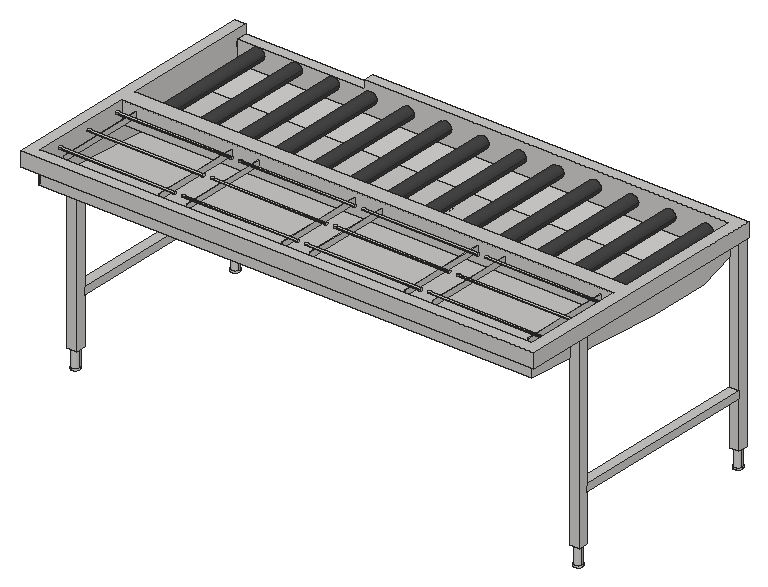
Revit family "QF_ELECTROLUXPROFESSIONAL_865295_HSMSF4RL", category Specialty Equipment, Revit 2018
Family settings
  Round Connector Dimension = Use Diameter
  Part Type = Normal
  Work Plane-Based = No
  Always vertical = Yes
  Cut with Voids When Loaded = No
  Shared = No
  Room Calculation Point = No
Parameters
  Weight = 0.00 kg
  Watts = 0 W
  Volts = 0 V
  URL Manufacturer = ""
  Steam Supply Size = 0 mm
  Steam Supply Minimum Pressure = 0.0 Pa
  Steam Supply Maximum Pressure = 0.0 Pa
  Steam Pounds per Hour = 0
  Refrigeration Suction Line Size = 0 mm
  Refrigeration Liquid Line Size = 0 mm
  Refrigerant Compressor Remote = yes
  Phase = 0
  Length Actual = 0 mm
  Item Number = ""
  Hot Water Size = 0 mm
  Height Actual = 0 mm
  HP = ""
  Gas Size = 0 mm
  Gas KW = 0
  Gas Input Pressure = 0 W
  Depth Actual = 0 mm
  Cycle = 0 Hz
  Condensate Return Size = 0 mm
  Compressed Air Volume = 0.0 L/s
  Compressed Air Size = 0 mm
  Compressed Air Pressure = 0.0 Pa
  Cold Water Size = 0 mm
  Accessory = yes
Reference planes
  plane 1: z = 0
  plane 2 "RIGHT": x = 810
  plane 3: z = 910
  plane 4: z = 0
  plane 5: z = 300
  plane 6 "BACK": y = 310
  plane 7 "FRONT": y = -800
  plane 8 "LEFT": x = -1320
  plane 9 "Center": x = -1005
Forms (mm)
  Extrusion 1, solid, material "QF_Finishes_Stainless Steel"
    sketch origin (0, 0, 0) x (-1, 0, 0) y (0, -1, 0)
      loop
        line (1320, 800) -> (-810, 800) -> (-810, -310) -> (745, -310) -> (745, -265) -> (-765, -265) -> (-765, 755) -> (1275, 755) -> (1275, -310) -> (1320, -310) -> (1320, 800)
    from 850.091 to 910
  Extrusion 2, solid, material "QF_Finishes_Stainless Steel"
    sketch origin (0, 0, 0) x (0, 1, 0) y (0, 0, -1)
      loop
        line (-756.248, -850.091) -> (-755, -850.091) -> (-755, -784.848) -> (-131.111, -741.138) -> (130.374, -741.138) -> (265, -784.879) -> (265, -850.091) -> (266.249, -850.091) -> (266.249, -782.13) -> (130.849, -738.138) -> (-131.216, -738.138) -> (-756.248, -781.928) -> (-756.248, -850.091)
    from -765 to 1275
  Revolve 3, solid, material "QF_Finishes_Stainless Steel"
    sketch origin (-255, 0.526, -123.199) x (-1, 0, 0) y (0, 0, -1)
      loop
        line (76.494, -861.337) -> (76.494, -847.59)
        arc (76.494, -847.59) -> (75.89, -845.987) -> (74.39, -845.16) r 2.474
        arc (74.39, -845.16) -> (71.083, -841.301) -> (74.377, -837.43) r 3.913
        arc (74.377, -837.43) -> (75.887, -836.598) -> (76.494, -834.985) r 2.49
        line (76.494, -834.985) -> (76.494, -794.661)
        arc (76.494, -794.661) -> (65.844, -763.962) -> (38.457, -746.476) r 49.516
        line (38.457, -746.476) -> (38.457, -743.987) -> (37.25, -742.336) -> (37.25, -740.749) -> (23.47, -734.749) -> (23.47, -698.838) -> (21.946, -697.377) -> (0, -697.377) -> (0, -861.337) -> (76.494, -861.337)
      axis (0, -861.337) -> (0, -697.377)
    angle from 0 to 360
  Extrusion 4, solid, material "QF_Finishes_Stainless Steel"
    sketch origin (0, 0, 0) x (-1, 0, 0) y (0, -1, 0)
      loop
        line (-765, 330.124) -> (-765, 265) -> (1275, 265) -> (1275, 330.124) -> (-765, 330.124)
    from 820 to 910
  Extrusion 5, solid, material "QF_Finishes_Stainless Steel"
    sketch origin (6.015, 0, -602.691) x (-1, 0, 0) y (0, -1, 0)
      loop
        line (1283.015, -266.249) -> (1323.015, -266.249) -> (1323.015, 521.738) -> (1283.015, 521.738) -> (1283.015, -266.249)
    from 872.691 to 902.691
  Extrusion 6, solid, material "QF_Finishes_Stainless Steel"
    sketch origin (-1277, 0, 0) x (0, 1, 0) y (0, 0, -1)
      loop
        line (-756.248, -781.928) -> (-756.248, -850.091) -> (266.249, -850.091) -> (266.249, -782.13) -> (130.849, -738.138) -> (-131.216, -738.138) -> (-756.248, -781.928)
    from 0 to -2
  Extrusion 7, solid, material "QF_Finishes_Stainless Steel"
    sketch origin (767, 0, 0) x (0, 1, 0) y (0, 0, 1)
      loop
        line (-756.248, 850.091) -> (-756.248, 781.928) -> (-131.216, 738.138) -> (130.849, 738.138) -> (266.249, 782.13) -> (266.249, 850.091) -> (-756.248, 850.091)
    from 0 to -2
  Extrusion 8, solid, material "QF_Finishes_Stainless Steel"
    sketch origin (-516, 0.054, -598.981) x (1, 0, 0) y (0, 1, 0)
      loop
        line (1283, 266.195) -> (1283, -521.792) -> (1323, -521.792) -> (1323, 266.195) -> (1283, 266.195)
    from 869.081 to 898.981
  Extrusion 9, solid, material "QF_Finishes_Black"
    sketch origin (0, -2.5, 0) x (-1, 0, 0) y (0, 0, 1)
      loop
        circle (255, 850.047) r 25
      loop
        circle (100, 850.047) r 25
      loop
        circle (-55, 850.047) r 25
      loop
        circle (-210, 850.047) r 25
      loop
        circle (-365, 850.047) r 25
      loop
        circle (-520, 850.047) r 25
      loop
        circle (-675, 850.047) r 25
      loop
        circle (410, 850.047) r 25
      loop
        circle (565, 850.047) r 25
      loop
        circle (720, 850.047) r 25
      loop
        circle (875, 850.047) r 25
      loop
        circle (1030, 850.047) r 25
      loop
        circle (1185, 850.047) r 25
    from -262.5 to 267.5
  Extrusion 10, solid, material "QF_Finishes_Stainless Steel"
    sketch origin (0, -7.263, 2.863) x (-1, 0, 0) y (0, -1, 0)
      loop
        line (-200.029, 694.438) -> (-200.029, 322.861) -> (-196.981, 322.861) -> (-196.981, 694.438) -> (-200.029, 694.438)
      loop
        line (196.981, 694.438) -> (196.981, 322.861) -> (200.029, 322.861) -> (200.029, 694.438) -> (196.981, 694.438)
      loop
        line (-710.007, 694.438) -> (-710.007, 322.861) -> (-707.023, 322.861) -> (-707.023, 694.438) -> (-710.007, 694.438)
      loop
        line (-312.998, 694.438) -> (-312.998, 322.861) -> (-310.013, 322.861) -> (-310.013, 694.438) -> (-312.998, 694.438)
      loop
        line (1220.049, 694.438) -> (1217.001, 694.438) -> (1217.001, 322.861) -> (1220.049, 322.861) -> (1220.049, 694.438)
      loop
        line (823.039, 694.438) -> (819.991, 694.438) -> (819.991, 322.861) -> (823.039, 322.861) -> (823.039, 694.438)
      loop
        line (710.007, 694.438) -> (707.023, 694.438) -> (707.023, 322.861) -> (710.007, 322.861) -> (710.007, 694.438)
      loop
        line (312.997, 694.438) -> (310.013, 694.438) -> (310.013, 322.861) -> (312.997, 322.861) -> (312.997, 694.438)
    from 860 to 881.896
  Extrusion 11, solid, material "QF_Finishes_Stainless Steel"
    sketch origin (-2327.512, 265, 0) x (0, 1, 0) y (0, 0, 1)
      loop
        circle (-937.158, 888.745) r 3.985
      loop
        circle (-788.819, 888.745) r 3.985
      loop
        circle (-640.48, 888.745) r 3.985
    from 1067.5 to 1547.5
  Extrusion 12, solid, material "QF_Finishes_Stainless Steel"
    sketch origin (-1817.533, 265, 0) x (0, 1, 0) y (0, 0, 1)
      loop
        circle (-937.158, 888.745) r 3.985
      loop
        circle (-788.819, 888.745) r 3.985
      loop
        circle (-640.48, 888.745) r 3.985
    from 1067.5 to 1547.5
  Extrusion 13, solid, material "QF_Finishes_Stainless Steel"
    sketch origin (-1307.491, 265, 0) x (0, 1, 0) y (0, 0, 1)
      loop
        circle (-937.158, 888.745) r 3.985
      loop
        circle (-788.819, 888.745) r 3.985
      loop
        circle (-640.48, 888.745) r 3.985
    from 1067.5 to 1547.5
  Extrusion 14, solid, material "QF_Finishes_Stainless Steel"
    sketch origin (-797.513, 265, 0) x (0, 1, 0) y (0, 0, 1)
      loop
        circle (-937.158, 888.745) r 3.985
      loop
        circle (-788.819, 888.745) r 3.985
      loop
        circle (-640.48, 888.745) r 3.985
    from 1067.5 to 1547.5
  Extrusion 15, solid, material "QF_Finishes_Stainless Steel"
    sketch origin (-1062.5, 757.022, 0) x (-1, 0, 0) y (0, 0, 1)
      loop
        line (-362.5, 835) -> (-347.5, 820) -> (242.5, 820) -> (257.5, 835) -> (257.5, 850.091) -> (212.5, 850.091) -> (212.5, 875) -> (-317.5, 875) -> (-317.5, 850.091) -> (-362.5, 850.091) -> (-362.5, 835)
    from -450 to -447.022
  Extrusion 16, solid, material "QF_Finishes_Stainless Steel"
    sketch origin (-1275, -2290.751, 0) x (0, 1, 0) y (0, 0, 1)
      loop
        line (2597.773, 875) -> (2557, 875) -> (2557, 872) -> (2597.773, 872) -> (2597.773, 875)
    from 0 to 530
  Extrusion 17, solid, material "QF_Finishes_Stainless Steel"
    sketch origin (-1062.5, 713.272, 0) x (-1, 0, 0) y (0, 0, 1)
      loop
        line (-317.5, 850.091) -> (212.5, 850.091) -> (212.5, 875) -> (-317.5, 875) -> (-317.5, 850.091)
    from -448.272 to -447.022
Cuts and joins
  joined: Extrusion 1, Extrusion 2, Revolve 3, Extrusion 4, Extrusion 6, Extrusion 7, Extrusion 10, Extrusion 11, Extrusion 12, Extrusion 13, Extrusion 14, Extrusion 15, Extrusion 16, Extrusion 17
Lines and regions (mm)
  Split face 1
    outline origin (-131.315, -0.079, 741.138) x (-1, 0, 0) y (0, -1, 0)
      loop
        circle (123.685, -0.035) r 73.783
  Split face 2
    outline origin (-131.315, -0.079, 741.138) x (-1, 0, 0) y (0, -1, 0)
      loop
        circle (123.685, -0.035) r 66.01
  Split face 3
    outline origin (-131.315, -0.079, 741.138) x (-1, 0, 0) y (0, -1, 0)
      loop
        circle (123.685, -0.035) r 53.774
  Split face 4
    outline origin (-131.315, -0.079, 741.138) x (-1, 0, 0) y (0, -1, 0)
      loop
        circle (123.685, -0.035) r 50.771
  Split face 5
    outline origin (-131.315, -0.079, 741.138) x (-1, 0, 0) y (0, -1, 0)
      loop
        circle (123.685, -0.035) r 33.793
  Split face 6
    outline origin (-131.315, -0.079, 741.138) x (-1, 0, 0) y (0, -1, 0)
      loop
        circle (123.685, -0.035) r 30.826
  Split face 7
    outline origin (-131.315, -0.079, 741.138) x (-1, 0, 0) y (0, -1, 0)
      loop
        circle (123.685, -0.035) r 13.843
  Split face 8
    outline origin (-131.315, -0.079, 741.138) x (-1, 0, 0) y (0, -1, 0)
      loop
        circle (123.685, -0.035) r 10.833
  symbolic lines
    curve 1: line (-1320, 310, 0) -> (810, 310, 0)
    curve 2: line (-1320, -800, 0) -> (-1320, 310, 0)
    curve 3: line (810, -800, 0) -> (-1320, -800, 0)
    curve 4: line (810, 310, 0) -> (810, -800, 0)
    curve 5: line (-1275, 265, 0) -> (765, 265, 0)
    curve 6: line (-1275, -755, 0) -> (-1275, 310, 0)
    curve 7: line (765, -755, 0) -> (-1275, -755, 0)
    curve 8: line (-1275, -265, 0) -> (765, -265, 0)
    curve 9: line (765, -330.124, 0) -> (-1275, -330.124, 0)
    curve 10: line (-1260.012, -371.495, 0) -> (-1260.012, -379.465, 0)
    curve 11: line (-1260.012, -379.465, 0) -> (-780.012, -379.465, 0)
    curve 12: line (-780.012, -379.465, 0) -> (-780.012, -371.495, 0)
    curve 13: line (-780.012, -371.495, 0) -> (-1260.012, -371.495, 0)
    curve 14: line (-1260.012, -519.834, 0) -> (-1260.012, -527.804, 0)
    curve 15: line (-1260.012, -527.804, 0) -> (-780.012, -527.804, 0)
    curve 16: line (-780.012, -527.804, 0) -> (-780.012, -519.834, 0)
    curve 17: line (-780.012, -519.834, 0) -> (-1260.012, -519.834, 0)
    curve 18: line (-1260.012, -668.173, 0) -> (-1260.012, -676.143, 0)
    curve 19: line (-1260.012, -676.143, 0) -> (-780.012, -676.143, 0)
    curve 20: line (-780.012, -676.143, 0) -> (-780.012, -668.173, 0)
    curve 21: line (-780.012, -668.173, 0) -> (-1260.012, -668.173, 0)
    curve 22: line (-1220.049, -330.124, 0) -> (-1220.049, -371.495, 0)
    curve 23: line (-1217.001, -330.124, 0) -> (-1217.001, -371.495, 0)
    curve 24: line (-1220.049, -379.465, 0) -> (-1220.049, -519.834, 0)
    curve 25: line (-1220.049, -701.7, 0) -> (-1220.049, -676.143, 0)
    curve 26: line (-1220.049, -701.7, 0) -> (-1217.001, -701.7, 0)
    curve 27: line (-1217.001, -701.7, 0) -> (-1217.001, -676.143, 0)
    curve 28: line (-1220.049, -668.173, 0) -> (-1220.049, -527.804, 0)
    curve 29: line (-1217.001, -527.804, 0) -> (-1217.001, -668.173, 0)
    curve 30: line (-1217.001, -519.834, 0) -> (-1217.001, -379.465, 0)
    curve 31: line (-823.039, -330.124, 0) -> (-823.039, -371.495, 0)
    curve 32: line (-819.992, -330.124, 0) -> (-819.992, -371.495, 0)
    curve 33: line (-823.039, -379.465, 0) -> (-823.039, -519.834, 0)
    curve 34: line (-823.039, -701.7, 0) -> (-823.039, -676.143, 0)
    curve 35: line (-823.039, -701.7, 0) -> (-819.992, -701.7, 0)
    curve 36: line (-819.992, -701.7, 0) -> (-819.992, -676.143, 0)
    curve 37: line (-823.039, -668.173, 0) -> (-823.039, -527.804, 0)
    curve 38: line (-819.992, -527.804, 0) -> (-819.992, -668.173, 0)
    curve 39: line (-819.992, -519.834, 0) -> (-819.992, -379.465, 0)
    curve 40: line (-750.033, -371.495, 0) -> (-750.033, -379.465, 0)
    curve 41: line (-750.033, -379.465, 0) -> (-270.033, -379.465, 0)
    curve 42: line (-270.033, -379.465, 0) -> (-270.033, -371.495, 0)
    curve 43: line (-270.033, -371.495, 0) -> (-750.033, -371.495, 0)
    curve 44: line (-750.033, -519.834, 0) -> (-750.033, -527.804, 0)
    curve 45: line (-750.033, -527.804, 0) -> (-270.033, -527.804, 0)
    curve 46: line (-270.033, -527.804, 0) -> (-270.033, -519.834, 0)
    curve 47: line (-270.033, -519.834, 0) -> (-750.033, -519.834, 0)
    curve 48: line (-750.033, -668.173, 0) -> (-750.033, -676.143, 0)
    curve 49: line (-750.033, -676.143, 0) -> (-270.033, -676.143, 0)
    curve 50: line (-270.033, -676.143, 0) -> (-270.033, -668.173, 0)
    curve 51: line (-270.033, -668.173, 0) -> (-750.033, -668.173, 0)
    curve 52: line (-710.071, -330.124, 0) -> (-710.071, -371.495, 0)
    curve 53: line (-707.023, -330.124, 0) -> (-707.023, -371.495, 0)
    curve 54: line (-710.071, -379.465, 0) -> (-710.071, -519.834, 0)
    curve 55: line (-710.071, -701.7, 0) -> (-710.071, -676.143, 0)
    curve 56: line (-710.071, -701.7, 0) -> (-707.023, -701.7, 0)
    curve 57: line (-707.023, -701.7, 0) -> (-707.023, -676.143, 0)
    curve 58: line (-710.071, -668.173, 0) -> (-710.071, -527.804, 0)
    curve 59: line (-707.023, -527.804, 0) -> (-707.023, -668.173, 0)
    curve 60: line (-707.023, -519.834, 0) -> (-707.023, -379.465, 0)
    curve 61: line (-313.061, -330.124, 0) -> (-313.061, -371.495, 0)
    curve 62: line (-310.013, -330.124, 0) -> (-310.013, -371.495, 0)
    curve 63: line (-313.061, -379.465, 0) -> (-313.061, -519.834, 0)
    curve 64: line (-313.061, -701.7, 0) -> (-313.061, -676.143, 0)
    curve 65: line (-313.061, -701.7, 0) -> (-310.013, -701.7, 0)
    curve 66: line (-310.013, -701.7, 0) -> (-310.013, -676.143, 0)
    curve 67: line (-313.061, -668.173, 0) -> (-313.061, -527.804, 0)
    curve 68: line (-310.013, -527.804, 0) -> (-310.013, -668.173, 0)
    curve 69: line (-310.013, -519.834, 0) -> (-310.013, -379.465, 0)
    curve 70: line (-239.991, -371.495, 0) -> (-239.991, -379.465, 0)
    curve 71: line (-239.991, -379.465, 0) -> (240.009, -379.465, 0)
    curve 72: line (240.009, -379.465, 0) -> (240.009, -371.495, 0)
    curve 73: line (240.009, -371.495, 0) -> (-239.991, -371.495, 0)
    curve 74: line (-239.991, -519.834, 0) -> (-239.991, -527.804, 0)
    curve 75: line (-239.991, -527.804, 0) -> (240.009, -527.804, 0)
    curve 76: line (240.009, -527.804, 0) -> (240.009, -519.834, 0)
    curve 77: line (240.009, -519.834, 0) -> (-239.991, -519.834, 0)
    curve 78: line (-239.991, -668.173, 0) -> (-239.991, -676.143, 0)
    curve 79: line (-239.991, -676.143, 0) -> (240.009, -676.143, 0)
    curve 80: line (240.009, -676.143, 0) -> (240.009, -668.173, 0)
    curve 81: line (240.009, -668.173, 0) -> (-239.991, -668.173, 0)
    curve 82: line (-200.029, -330.124, 0) -> (-200.029, -371.495, 0)
    curve 83: line (-196.981, -330.124, 0) -> (-196.981, -371.495, 0)
    curve 84: line (-200.029, -379.465, 0) -> (-200.029, -519.834, 0)
    curve 85: line (-200.029, -701.7, 0) -> (-200.029, -676.143, 0)
    curve 86: line (-200.029, -701.7, 0) -> (-196.981, -701.7, 0)
    curve 87: line (-196.981, -701.7, 0) -> (-196.981, -676.143, 0)
    curve 88: line (-200.029, -668.173, 0) -> (-200.029, -527.804, 0)
    curve 89: line (-196.981, -527.804, 0) -> (-196.981, -668.173, 0)
    curve 90: line (-196.981, -519.834, 0) -> (-196.981, -379.465, 0)
    curve 91: line (196.981, -330.124, 0) -> (196.981, -371.495, 0)
    curve 92: line (200.029, -330.124, 0) -> (200.029, -371.495, 0)
    curve 93: line (196.981, -379.465, 0) -> (196.981, -519.834, 0)
    curve 94: line (196.981, -701.7, 0) -> (196.981, -676.143, 0)
    curve 95: line (196.981, -701.7, 0) -> (200.029, -701.7, 0)
    curve 96: line (200.029, -701.7, 0) -> (200.029, -676.143, 0)
    curve 97: line (196.981, -668.173, 0) -> (196.981, -527.804, 0)
    curve 98: line (200.029, -527.804, 0) -> (200.029, -668.173, 0)
    curve 99: line (200.029, -519.834, 0) -> (200.029, -379.465, 0)
    curve 100: line (269.987, -371.495, 0) -> (269.987, -379.465, 0)
    curve 101: line (269.987, -379.465, 0) -> (749.987, -379.465, 0)
    curve 102: line (749.987, -379.465, 0) -> (749.987, -371.495, 0)
    curve 103: line (749.987, -371.495, 0) -> (269.987, -371.495, 0)
    curve 104: line (269.987, -519.834, 0) -> (269.987, -527.804, 0)
    curve 105: line (269.987, -527.804, 0) -> (749.987, -527.804, 0)
    curve 106: line (749.987, -527.804, 0) -> (749.987, -519.834, 0)
    curve 107: line (749.987, -519.834, 0) -> (269.987, -519.834, 0)
    curve 108: line (269.987, -668.173, 0) -> (269.987, -676.143, 0)
    curve 109: line (269.987, -676.143, 0) -> (749.987, -676.143, 0)
    curve 110: line (749.987, -676.143, 0) -> (749.987, -668.173, 0)
    curve 111: line (749.987, -668.173, 0) -> (269.987, -668.173, 0)
    curve 112: line (309.95, -330.124, 0) -> (309.95, -371.495, 0)
    curve 113: line (312.998, -330.124, 0) -> (312.998, -371.495, 0)
    curve 114: line (309.95, -379.465, 0) -> (309.95, -519.834, 0)
    curve 115: line (309.95, -701.7, 0) -> (309.95, -676.143, 0)
    curve 116: line (309.95, -701.7, 0) -> (312.998, -701.7, 0)
    curve 117: line (312.998, -701.7, 0) -> (312.998, -676.143, 0)
    curve 118: line (309.95, -668.173, 0) -> (309.95, -527.804, 0)
    curve 119: line (312.998, -527.804, 0) -> (312.998, -668.173, 0)
    curve 120: line (312.998, -519.834, 0) -> (312.998, -379.465, 0)
    curve 121: line (706.959, -330.124, 0) -> (706.959, -371.495, 0)
    curve 122: line (710.007, -330.124, 0) -> (710.007, -371.495, 0)
    curve 123: line (706.959, -379.465, 0) -> (706.959, -519.834, 0)
    curve 124: line (706.959, -701.7, 0) -> (706.959, -676.143, 0)
    curve 125: line (706.959, -701.7, 0) -> (710.007, -701.7, 0)
    curve 126: line (710.007, -701.7, 0) -> (710.007, -676.143, 0)
    curve 127: line (706.959, -668.173, 0) -> (706.959, -527.804, 0)
    curve 128: line (710.007, -527.804, 0) -> (710.007, -668.173, 0)
    curve 129: line (710.007, -519.834, 0) -> (710.007, -379.465, 0)
    curve 130: line (-1210, 265, 0) -> (-1210, -265, 0)
    curve 131: line (-1160, -265, 0) -> (-1160, 265, 0)
    curve 132: line (-1055, 265, 0) -> (-1055, -265, 0)
    curve 133: line (-1005, -265, 0) -> (-1005, 265, 0)
    curve 134: line (-900, 265, 0) -> (-900, -265, 0)
    curve 135: line (-850, -265, 0) -> (-850, 265, 0)
    curve 136: line (-745, 265, 0) -> (-745, -265, 0)
    curve 137: line (-695, -265, 0) -> (-695, 265, 0)
    curve 138: line (-590, 265, 0) -> (-590, -265, 0)
    curve 139: line (-540, -265, 0) -> (-540, 265, 0)
    curve 140: line (-435, 265, 0) -> (-435, -265, 0)
    curve 141: line (-385, -265, 0) -> (-385, 265, 0)
    curve 142: line (-280, 265, 0) -> (-280, -265, 0)
    curve 143: line (-230, -265, 0) -> (-230, 265, 0)
    curve 144: line (-125, 265, 0) -> (-125, -265, 0)
    curve 145: line (-75, -265, 0) -> (-75, 265, 0)
    curve 146: line (30, 265, 0) -> (30, -265, 0)
    curve 147: line (80, -265, 0) -> (80, 265, 0)
    curve 148: line (185, 265, 0) -> (185, -265, 0)
    curve 149: line (235, -265, 0) -> (235, 265, 0)
    curve 150: line (340, 265, 0) -> (340, -265, 0)
    curve 151: line (390, -265, 0) -> (390, 265, 0)
    curve 152: line (495, 265, 0) -> (495, -265, 0)
    curve 153: line (545, -265, 0) -> (545, 265, 0)
    curve 154: line (650, 265, 0) -> (650, -265, 0)
    curve 155: line (765, -265, 0) -> (765, 265, 0)
    curve 156: line (765, -755, 0) -> (765, -330.124, 0)
    curve 157: line (700, 265, 0) -> (700, -265, 0)
    curve 158: line (-745, 310, 0) -> (-745, 265, 0)
    curve 159: line (-1005, 310, 0) -> (-1005, 280, 0)
    curve 160: arc (-178.504, 0.526, 0) -> (-255, -75.97, 0) -> (-331.496, 0.526, 0) r 76.496
    curve 161: arc (-331.496, 0.526, 0) -> (-255, 77.021, 0) -> (-178.504, 0.526, 0) r 76.496
    curve 162: arc (-276.946, 0.526, 0) -> (-255, -21.421, 0) -> (-233.054, 0.526, 0) r 21.946
    curve 163: arc (-233.054, 0.526, 0) -> (-255, 22.472, 0) -> (-276.946, 0.526, 0) r 21.946
Dimensions and locks
  plane 3 to level = 910 mm
  plane 8 "LEFT" to plane 2 "RIGHT" = 2130 mm
  aligned and locked: level to plane 1
Nested families
  nested 1: "Foot_40x40" at (-1297, -541.738, 0), type "Foot_40x40"
    with A 850.091 mm
  nested 2: "Foot_40x40" at (-1297, 286.249, 0), type "Foot_40x40"
    with A 850.091 mm
  nested 3: "Foot_40x40" at (787, -541.738, 0) x (-1, 0, 0) z (0, 0, 1), type "Foot_40x40"
    with A 850.091 mm
  nested 4: "Foot_40x40" at (787, 286.249, 0) x (-1, 0, 0) z (0, 0, 1), type "Foot_40x40"
    with A 850.091 mm
Connectors
  piping at (-255, 0.526, 574.178), diameter 30
    settings: on cut or joined group of Extrusion 1, Extrusion 2, Revolve 3, Extrusion 4, Extrusion 6, Extrusion 7, Extrusion 10, Extrusion 11, Extrusion 12, Extrusion 13, Extrusion 14, Extrusion 15, Extrusion 16, Extrusion 17, index 1, connector inside diameter 609.6 mm, connector length 0 mm, flow factor 0, pipe flow 0.0 L/s, pressure drop 0.0 Pa, fitting loss kfactor 0, connector angle 0.00°, fixture units 0, engagement length 0 mm, angle of deflection 0.00°, flow configuration 1, flow direction 2, fitting loss method 0, system type 16, joint type 0, gender type 0, connector reference index -1, connector utility 0, adjustable connector no, is connector primary yes, connector description "Drain"
Definition of nested family "Foot_40x40"
  Parameters
    A [instance] = 850 mm
  Reference planes
    plane 1 "Centro (Fronte/Retro)": y = 0
    plane 2: z = 0
    plane 3 "Centro (Sinistra/Destra)": x = 0
    plane 4: z = 850
  Forms (mm)
    Extrusion 1, solid
      sketch origin (0, 0, 0) x (1, 0, 0) y (0, 1, 0)
        loop
          circle (0, 0) r 18
      from 0 to 5
    Extrusion 2, solid
      sketch origin (0, 0, 5) x (1, 0, 0) y (0, 1, 0)
        loop
          circle (0, 0) r 15
      from 0 to 70
    Extrusion 3, solid
      sketch origin (0, 0, 75) x (1, 0, 0) y (0, 1, 0)
        loop
          line (-20, 20) -> (-20, -20) -> (20, -20) -> (20, 20) -> (-20, 20)
      from 0 to 775
  Dimensions and locks
    "A": plane 4 to plane 2
    aligned and locked: level to plane 2
    aligned and locked: plane 4 to Extrusion 3
    aligned and locked: Extrusion 1 to level
  Automatic sketch dimensions
    plane 1 "Centro (Fronte/Retro)" to Extrusion 1 sketch curve = 0 mm
    Extrusion 1 sketch curve to plane 3 "Centro (Sinistra/Destra)" = 0 mm
    Extrusion 3 sketch curve to Extrusion 3 sketch curve = 40 mm  (x2)
    radius of Extrusion 1 sketch curve = 18 mm
    radius of Extrusion 2 sketch curve to Extrusion 1 = 3 mm
